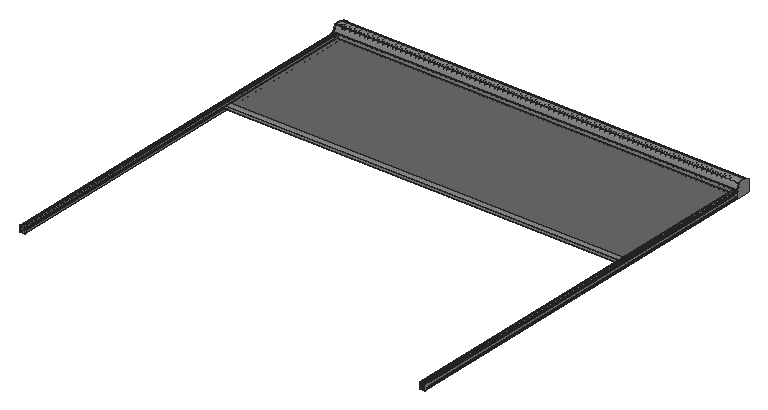
Revit family "Windows_Blinds_Nimex_Zip_105", category Specialty Equipment, host Face, Revit 2018 (continued)
Definition of nested family "Zip_105"
  Lines and regions (mm)
    symbolic lines, detail levels fine
      curve 568: arc (0, -52.355, 2437.64) -> (0, -48.647, 2433.913) -> (0, -47.29, 2428.835) r 10.19
      curve 569: arc (0, -47.29, 2428.835) -> (0, -20.681, 2416) -> (0, 5.928, 2428.835) r 34
      curve 570: arc (0, -17.043, 2484.81) -> (0, -18.011, 2484.414) -> (0, -18.023, 2483.368) r 0.947
      curve 571: arc (0, -18.023, 2483.368) -> (0, -20.762, 2474.017) -> (0, -23.306, 2483.423) r 5.062
      curve 572: arc (0, -23.306, 2483.423) -> (0, -23.37, 2484.44) -> (0, -24.319, 2484.81) r 0.947
      curve 573: circle (0, -20.681, 2450) r 20 normal (1, 0, 0)
      curve 574: line (0, 22.51, 3798) -> (0, -53.333, 3798)
      curve 575: arc (0, 21.023, 3794.068) -> (0, 21.133, 3796.274) -> (0, 22.51, 3798) r 3.6
      curve 576: arc (0, 27.5, 3793.01) -> (0, 25.774, 3791.633) -> (0, 23.568, 3791.523) r 3.6
      curve 577: line (0, 27.5, 3793.01) -> (0, 27.5, 3706.99)
      curve 578: line (0, 24.086, 3793.455) -> (0, 23.568, 3791.523)
      curve 579: line (0, 22.955, 3794.586) -> (0, 21.023, 3794.068)
      curve 580: arc (0, 22.955, 3794.586) -> (0, 25.631, 3796.131) -> (0, 24.086, 3793.455) r 1.6
      curve 581: arc (0, -51.846, 3794.068) -> (0, -51.956, 3796.274) -> (0, -53.333, 3798) r 3.6
      curve 582: line (0, -54.909, 3793.455) -> (0, -54.171, 3790.7)
      curve 583: line (0, -53.777, 3794.586) -> (0, -51.846, 3794.068)
      curve 584: arc (0, -53.777, 3794.586) -> (0, -56.454, 3796.131) -> (0, -54.909, 3793.455) r 1.6
      curve 585: line (0, -54.171, 3790.7) -> (0, -57.977, 3790.7)
      curve 586: arc (0, -60.07, 3795.541) -> (0, -58.523, 3793.337) -> (0, -57.977, 3790.7) r 6.646
      curve 587: arc (0, -61.283, 3795.402) -> (0, -60.709, 3795.753) -> (0, -60.07, 3795.541) r 0.8
      curve 588: arc (0, -61.193, 3794.338) -> (0, -61.442, 3794.853) -> (0, -61.283, 3795.402) r 0.8
      curve 589: arc (0, -61.193, 3794.338) -> (0, -60.702, 3793.802) -> (0, -60.293, 3793.2) r 5
      curve 590: arc (0, -60.293, 3793.2) -> (0, -60.293, 3792.2) -> (0, -61.159, 3791.7) r 1
      curve 591: line (0, 27.5, 3800) -> (0, -57.274, 3800)
      curve 592: arc (0, 27.5, 3800) -> (0, 28.914, 3799.414) -> (0, 29.5, 3798) r 2
      curve 593: line (0, 29.5, 3798) -> (0, 29.5, 3702)
      curve 594: arc (0, 29.5, 3702) -> (0, 28.914, 3700.586) -> (0, 27.5, 3700) r 2
      curve 595: line (0, 27.5, 3700) -> (0, 9.7, 3700)
      curve 596: arc (0, 9.7, 3700) -> (0, 7.943, 3701.045) -> (0, 8.021, 3703.087) r 2
      curve 597: arc (0, 8.021, 3703.087) -> (0, 8.324, 3703.359) -> (0, 8.728, 3703.316) r 0.5
      curve 598: line (0, 9.007, 3702) -> (0, 10.22, 3701.3)
      curve 599: line (0, 12.97, 3706.063) -> (0, 10.22, 3701.3)
      curve 600: arc (0, 9.074, 3703.116) -> (0, 9.307, 3702.812) -> (0, 9.257, 3702.433) r 0.5
      curve 601: line (0, 9.257, 3702.433) -> (0, 9.007, 3702)
      curve 602: line (0, 9.074, 3703.116) -> (0, 8.728, 3703.316)
      curve 603: arc (0, 23.568, 3708.477) -> (0, 25.774, 3708.367) -> (0, 27.5, 3706.99) r 3.6
      curve 604: line (0, 24.086, 3706.545) -> (0, 23.568, 3708.477)
      curve 605: line (0, 22.955, 3705.414) -> (0, 21.023, 3705.932)
      curve 606: arc (0, 22.51, 3702) -> (0, 21.133, 3703.726) -> (0, 21.023, 3705.932) r 3.6
      curve 607: arc (0, 24.086, 3706.545) -> (0, 25.631, 3703.869) -> (0, 22.955, 3705.414) r 1.6
      curve 608: line (0, 22.51, 3702) -> (0, 13.103, 3702)
      curve 609: line (0, 14.382, 3705.71) -> (0, 12.672, 3702.748)
      curve 610: line (0, 12.111, 3708.176) -> (0, 14.016, 3707.076)
      curve 611: arc (0, 14.016, 3707.076) -> (0, 14.482, 3706.468) -> (0, 14.382, 3705.71) r 1
      curve 612: arc (0, 10.745, 3707.81) -> (0, 11.352, 3708.275) -> (0, 12.111, 3708.176) r 1
      curve 613: line (0, 10.745, 3707.81) -> (0, 10.295, 3707.03)
      curve 614: arc (0, 10.478, 3706.347) -> (0, 10.245, 3706.651) -> (0, 10.295, 3707.03) r 0.5
      curve 615: arc (0, 11.507, 3706.33) -> (0, 11.204, 3706.097) -> (0, 10.824, 3706.147) r 0.5
      curve 616: line (0, 11.795, 3706.741) -> (0, 12.97, 3706.063)
      curve 617: line (0, 11.507, 3706.33) -> (0, 11.795, 3706.741)
      curve 618: line (0, 10.824, 3706.147) -> (0, 10.478, 3706.347)
      curve 619: arc (0, 12.672, 3702.748) -> (0, 12.672, 3702.249) -> (0, 13.103, 3702) r 0.498
      curve 620: arc (0, 4.1, 3703.5) -> (0, 4.544, 3701.265) -> (0, 2.65, 3700) r 2.05
      curve 621: arc (0, 2.314, 3702.739) -> (0, 2.314, 3704.012) -> (0, 3.587, 3704.012) r 0.9
      curve 622: line (0, 2.59, 3701.8) -> (0, -22.792, 3701.8)
      curve 623: line (0, 2.314, 3702.739) -> (0, 2.784, 3702.269)
      curve 624: line (0, 4.1, 3703.5) -> (0, 3.587, 3704.012)
      curve 625: arc (0, 2.784, 3702.269) -> (0, 2.844, 3701.97) -> (0, 2.59, 3701.8) r 0.275
      curve 626: arc (0, -27.654, 3702.461) -> (0, -48.133, 3709.717) -> (0, -67.398, 3719.763) r 155.14
      curve 627: arc (0, -68.714, 3721.353) -> (0, -73.678, 3746.666) -> (0, -69.932, 3772.189) r 76.379
      curve 628: arc (0, -67.398, 3719.763) -> (0, -68.188, 3720.449) -> (0, -68.714, 3721.353) r 3.2
      curve 629: arc (0, -69.932, 3772.189) -> (0, -67.16, 3780.795) -> (0, -63.658, 3789.13) r 104.96
      curve 630: line (0, -64.431, 3790.915) -> (0, -60.94, 3791.622)
      curve 631: arc (0, -61.202, 3795.345) -> (0, -60.699, 3795.654) -> (0, -60.138, 3795.468) r 0.7
      curve 632: arc (0, -61.125, 3794.411) -> (0, -61.342, 3794.863) -> (0, -61.202, 3795.345) r 0.7
      curve 633: arc (0, -61.125, 3794.411) -> (0, -60.623, 3793.864) -> (0, -60.206, 3793.25) r 5.1
      curve 634: arc (0, -58.647, 3793.372) -> (0, -58.949, 3791.331) -> (0, -60.642, 3790.152) r 2.6
      curve 635: line (0, -62.952, 3789.684) -> (0, -60.642, 3790.152)
      curve 636: arc (0, -63.658, 3789.13) -> (0, -63.371, 3789.491) -> (0, -62.952, 3789.684) r 1
      curve 637: arc (0, -22.792, 3701.8) -> (0, -25.245, 3701.966) -> (0, -27.654, 3702.461) r 18.2
      curve 638: arc (0, -60.206, 3793.25) -> (0, -60.156, 3792.248) -> (0, -60.94, 3791.622) r 1.1
      curve 639: arc (0, -60.138, 3795.468) -> (0, -59.289, 3794.494) -> (0, -58.647, 3793.372) r 6.546
      curve 640: line (0, 2.65, 3700) -> (0, -19.969, 3700)
      curve 641: line (0, 7.55, 3692.561) -> (0, 7.55, 3696.5)
      curve 642: arc (0, 7.55, 3696.5) -> (0, 7.843, 3697.207) -> (0, 8.55, 3697.5) r 1
      curve 643: line (0, 8.55, 3697.5) -> (0, 14.838, 3697.5)
      curve 644: arc (0, 14.838, 3697.5) -> (0, 15.446, 3697.294) -> (0, 15.803, 3696.762) r 1
      curve 645: arc (0, 15.803, 3696.762) -> (0, 18.7, 3675) -> (0, 15.803, 3653.238) r 83.203
      curve 646: arc (0, 15.803, 3653.238) -> (0, 15.446, 3652.706) -> (0, 14.838, 3652.5) r 1
      curve 647: line (0, 14.838, 3652.5) -> (0, 7.4, 3652.5)
      curve 648: arc (0, 7.4, 3652.5) -> (0, 6.9, 3653) -> (0, 7.4, 3653.5) r 0.5
      curve 649: arc (0, 8.941, 3693.266) -> (0, 5.2, 3683.15) -> (0, 1.458, 3693.266) r 5.75
      curve 650: line (0, 2.85, 3696.5) -> (0, 2.85, 3692.561)
      curve 651: arc (0, 1.85, 3697.5) -> (0, 2.557, 3697.207) -> (0, 2.85, 3696.5) r 1
      curve 652: line (0, 1.85, 3697.5) -> (0, -4.439, 3697.5)
      curve 653: arc (0, -5.404, 3653.238) -> (0, -8.3, 3675) -> (0, -5.404, 3696.762) r 83.203
      curve 654: arc (0, -5.404, 3696.762) -> (0, -5.047, 3697.294) -> (0, -4.439, 3697.5) r 1
      curve 655: arc (0, -4.439, 3652.5) -> (0, -5.047, 3652.706) -> (0, -5.404, 3653.238) r 1
      curve 656: line (0, 3, 3652.5) -> (0, -4.439, 3652.5)
      curve 657: line (0, 14.532, 3696.1) -> (0, 9.05, 3696.1)
      curve 658: line (0, 9.05, 3696.1) -> (0, 8.941, 3693.266)
      curve 659: arc (0, 14.532, 3696.1) -> (0, 17.3, 3675) -> (0, 14.532, 3653.9) r 81.803
      curve 660: line (0, 14.532, 3653.9) -> (0, 9.375, 3653.9)
      curve 661: arc (0, 1.125, 3655.1) -> (0, 1.418, 3655.807) -> (0, 2.125, 3656.1) r 1
      curve 662: line (0, 1.125, 3655.1) -> (0, 1.025, 3653.9)
      curve 663: line (0, 1.025, 3653.9) -> (0, -4.132, 3653.9)
      curve 664: line (0, 9.375, 3653.9) -> (0, 9.275, 3655.1)
      curve 665: arc (0, 8.275, 3656.1) -> (0, 8.982, 3655.807) -> (0, 9.275, 3655.1) r 1
      curve 666: line (0, 8.275, 3656.1) -> (0, 2.125, 3656.1)
      curve 667: line (0, 7.4, 3653.5) -> (0, 8.191, 3653.5)
      curve 668: line (0, 8.191, 3653.5) -> (0, 8.191, 3654.5)
      curve 669: arc (0, 3, 3652.5) -> (0, 3.5, 3653) -> (0, 3, 3653.5) r 0.5
      curve 670: line (0, 3, 3653.5) -> (0, 2.208, 3653.5)
      curve 671: line (0, 2.208, 3653.5) -> (0, 2.208, 3654.5)
      curve 672: line (0, 8.191, 3654.5) -> (0, 2.208, 3654.5)
      curve 673: line (0, -4.132, 3696.1) -> (0, 1.35, 3696.1)
      curve 674: line (0, 1.35, 3696.1) -> (0, 1.458, 3693.266)
      curve 675: arc (0, -4.132, 3696.1) -> (0, -6.9, 3675) -> (0, -4.132, 3653.9) r 81.803
      curve 676: arc (0, 7.55, 3692.561) -> (0, 5.2, 3684.55) -> (0, 2.85, 3692.561) r 4.35
      curve 677: circle (0, 5.2, 3688.9) r 3 normal (-1, 0, 0)
      curve 678: line (0, 2.449, 3690.097) -> (0, 17.901, 3728.848)
      curve 679: circle (0, -20.681, 3750) r 44 normal (-1, 0, 0)
      curve 680: circle (0, -20.681, 3750) r 43 normal (-1, 0, 0)
      curve 681: circle (0, -20.681, 3750) r 42 normal (-1, 0, 0)
      curve 682: circle (0, -20.681, 3750) r 41 normal (-1, 0, 0)
      curve 683: circle (0, -20.681, 3750) r 40 normal (-1, 0, 0)
      curve 684: circle (0, -20.681, 3750) r 39 normal (-1, 0, 0)
      curve 685: circle (0, -20.681, 3750) r 38 normal (-1, 0, 0)
      curve 686: circle (0, -20.681, 3750) r 37 normal (-1, 0, 0)
      curve 687: circle (0, -20.681, 3750) r 36 normal (-1, 0, 0)
      curve 688: arc (0, -24.141, 3784.829) -> (0, -37.587, 3780.646) -> (0, -48.296, 3771.503) r 35
      curve 689: arc (0, -48.296, 3771.503) -> (0, -49.514, 3766.585) -> (0, -53.153, 3763.06) r 9.19
      curve 690: arc (0, -53.153, 3763.06) -> (0, -55.681, 3750) -> (0, -53.153, 3736.94) r 35
      curve 691: arc (0, -53.153, 3736.94) -> (0, -49.514, 3733.415) -> (0, -48.296, 3728.497) r 9.19
      curve 692: arc (0, -48.296, 3728.497) -> (0, -20.681, 3715) -> (0, 6.934, 3728.497) r 35
      curve 693: arc (0, 6.934, 3728.497) -> (0, 8.152, 3733.415) -> (0, 11.791, 3736.94) r 9.19
      curve 694: arc (0, 11.791, 3736.94) -> (0, 14.319, 3750) -> (0, 11.791, 3763.06) r 35
      curve 695: arc (0, 11.791, 3763.06) -> (0, 8.152, 3766.585) -> (0, 6.934, 3771.503) r 9.19
      curve 696: arc (0, 6.934, 3771.503) -> (0, -3.775, 3780.646) -> (0, -17.221, 3784.829) r 35
      curve 697: arc (0, 5.928, 3728.835) -> (0, 7.285, 3733.913) -> (0, 10.993, 3737.64) r 10.19
      curve 698: arc (0, 10.993, 3737.64) -> (0, 13.319, 3750) -> (0, 10.993, 3762.36) r 34
      curve 699: arc (0, 10.993, 3762.36) -> (0, 7.285, 3766.087) -> (0, 5.928, 3771.165) r 10.19
      curve 700: arc (0, 5.928, 3771.165) -> (0, -4.224, 3779.752) -> (0, -16.894, 3783.788) r 34
      curve 701: arc (0, -16.894, 3783.788) -> (0, -20.704, 3773.017) -> (0, -24.535, 3783.781) r 6.062
      curve 702: arc (0, -24.535, 3783.781) -> (0, -37.167, 3779.736) -> (0, -47.29, 3771.165) r 34
      curve 703: arc (0, -47.29, 3771.165) -> (0, -48.647, 3766.087) -> (0, -52.355, 3762.36) r 10.19
      curve 704: arc (0, -52.355, 3762.36) -> (0, -54.681, 3750) -> (0, -52.355, 3737.64) r 34
      curve 705: arc (0, -52.355, 3737.64) -> (0, -48.647, 3733.913) -> (0, -47.29, 3728.835) r 10.19
      curve 706: arc (0, -47.29, 3728.835) -> (0, -20.681, 3716) -> (0, 5.928, 3728.835) r 34
      curve 707: arc (0, -17.043, 3784.81) -> (0, -18.011, 3784.414) -> (0, -18.023, 3783.368) r 0.947
      curve 708: arc (0, -18.023, 3783.368) -> (0, -20.762, 3774.017) -> (0, -23.306, 3783.423) r 5.062
      curve 709: arc (0, -23.306, 3783.423) -> (0, -23.37, 3784.44) -> (0, -24.319, 3784.81) r 0.947
      curve 710: circle (0, -20.681, 3750) r 20 normal (1, 0, 0)
      curve 711: line (0, 11.2, 2352.5) -> (0, 11.2, 0)
      curve 712: line (0, -0.8, 2352.5) -> (0, -0.8, 0)
      curve 721: line (0, -19.969, 2400) -> (0, -29.5, 2400)
      curve 722: line (0, -19.969, 3700) -> (0, -29.5, 3700)
      curve 725: arc (0, -64.431, 2490.915) -> (0, -65.347, 2490.463) -> (0, -65.92, 2489.619) r 2
      curve 726: arc (0, -64.431, 3790.915) -> (0, -65.347, 3790.463) -> (0, -65.92, 3789.619) r 2
      curve 727: arc (0, -64.707, 2493.037) -> (0, -64.583, 2492.124) -> (0, -63.766, 2491.7) r 1
      curve 728: line (0, -63.766, 2491.7) -> (0, -61.159, 2491.7)
      curve 729: arc (0, -64.707, 3793.037) -> (0, -64.583, 3792.124) -> (0, -63.766, 3791.7) r 1
      curve 730: line (0, -63.766, 3791.7) -> (0, -61.159, 3791.7)
    symbolic lines, detail levels medium
      curve 22: line (-1716, 5.2, 0) -> (1716, 5.2, 0)
    symbolic lines, not visible, detail levels fine
      curve 718: line (-1742.658, 5.2, 0) -> (-1753.651, 5.2, 0)
      curve 719: line (-1742.658, -4.601, 0) -> (-1753.651, -4.601, 0)
      curve 720: line (1742.658, 5.2, 0) -> (1753.651, 5.2, 0)
  Dimensions and locks
    "TotalWidthControl": plane 4 to plane 5
    equal spacing: plane 4, plane 3 "Center (Left/Right)", plane 5
    "TotalHeightControl": plane 6 to plane 2
    locked: plane 6 to plane 10 at 100
    aligned and locked: level to plane 2
    aligned and locked: plane 4 to nested 1
    aligned and locked: plane 5 to nested 2
    aligned and locked: plane 3 "Center (Left/Right)" to nested 3
    aligned and locked: plane 4 to curve 7
    aligned and locked: plane 5 to curve 7
    aligned and locked: plane 5 to curve 8
    aligned and locked: plane 4 to curve 8
    aligned and locked: curve 8 to curve 13
    aligned and locked: plane 10 to curve 12
    aligned and locked: plane 4 to curve 15
    aligned and locked: plane 5 to curve 17
    aligned and locked: curve 16 to plane 9
    aligned and locked: curve 14 to plane 8
    aligned and locked: plane 2 to curve 13
    aligned and locked: nested 5 to curve 21
    aligned and locked: curve 11 to nested 5
    aligned and locked: plane 4 to curve 42
    aligned and locked: curve 316 to plane 5
    aligned and locked: curve 454 to plane 6
    aligned and locked: plane 6 to nested 3
    aligned and locked: plane 8 to nested 3
    aligned and locked: curve 718 to plane 1 "Center (Front/Back)"
    aligned and locked: plane 1 "Center (Front/Back)" to curve 720
    aligned and locked: nested 2 to plane 8
    aligned and locked: plane 1 "Center (Front/Back)" to nested 5
    aligned and locked: nested 5 to nested 4
  Automatic sketch dimensions
    Extrusion 1 sketch curve to plane 4 = 0 mm
    Extrusion 1 sketch curve to plane 5 = 0 mm
    plane 9 to Extrusion 1 sketch curve = 0 mm
    Extrusion 1 sketch curve to plane 8 = 0 mm
    curve 30 to curve 44 = 0 mm  (x2)
    curve 30 to curve 63 = 0 mm  (x2)
    curve 44 to curve 63 = 0 mm  (x2)
    curve 82 to curve 91 = 0.1 mm
    curve 82 to curve 91 = 0 mm
    curve 82 to curve 92 = 0.1 mm
    curve 82 to curve 92 = 0 mm
    curve 91 to curve 92 = 0 mm  (x2)
    curve 93 to curve 109 = 0 mm  (x2)
    curve 58 to curve 58 = 1 mm
    curve 43 to curve 43 = 1 mm
    curve 43 to curve 131 = 0.2 mm
    curve 58 to curve 27 = 0.2 mm
    curve 61 to curve 131 = 0 mm
    curve 131 to curve 133 = 0.4 mm
    curve 61 to curve 125 = 0.4 mm
    curve 131 to curve 130 = 0.4 mm
    curve 27 to curve 26 = 0.5 mm
    curve 61 to curve 68 = 0.5 mm
    curve 27 to curve 51 = 0.5 mm
    curve 61 to curve 62 = 0.5 mm
    curve 133 to curve 107 = 0.3 mm
    curve 107 to curve 118 = 2.2 mm
    curve 117 to curve 118 = 0 mm
    curve 118 to curve 116 = 0.4 mm
    curve 75 to curve 74 = 2.8 mm
    curve 117 to curve 83 = 0 mm
    curve 69 to curve 70 = 3.3 mm
    curve 83 to curve 119 = 0.4 mm
    curve 83 to curve 106 = 0.613 mm
    curve 70 to curve 67 = 0.5 mm
    curve 62 to curve 26 = 1.202 mm
    curve 67 to curve 66 = 0.5 mm
    curve 26 to curve 47 = 0.388 mm
    curve 47 to curve 45 = 0.044 mm
    curve 47 to curve 28 = 0.346 mm
    curve 44 to curve 45 = 0.831 mm
    curve 70 to curve 123 = 1.8 mm
    curve 28 to curve 44 = 0.534 mm
    curve 123 to curve 81 = 0.484 mm
    curve 30 to curve 46 = 0.534 mm
    curve 65 to curve 73 = 0.95 mm
    curve 81 to curve 72 = 0.666 mm
    curve 29 to curve 29 = 0.555 mm
    curve 48 to curve 48 = 0.26 mm
    curve 48 to curve 46 = 0.016 mm
    curve 72 to curve 64 = 0.5 mm
    curve 81 to curve 109 = 1.201 mm
    curve 78 to curve 78 = 1.366 mm
    curve 73 to curve 76 = 1.2 mm
    curve 76 to curve 25 = 0.29 mm
    curve 76 to curve 31 = 0.5 mm
    curve 77 to curve 147 = 0.864 mm
    curve 119 to curve 105 = 6.814 mm
    curve 105 to curve 110 = 1.144 mm
    curve 110 to curve 130 = 0.041 mm
    curve 147 to curve 79 = 1.386 mm
    curve 79 to curve 114 = 0.2 mm
    curve 109 to curve 110 = 0.341 mm
    curve 115 to curve 111 = 0.4 mm
    curve 110 to curve 94 = 0.4 mm
    curve 112 to curve 156 = 0.814 mm
    curve 147 to curve 149 = 2.4 mm
    curve 159 to curve 154 = 0 mm
    curve 94 to curve 94 = 0.7 mm
    curve 120 to curve 95 = 0.5 mm
    curve 95 to curve 122 = 0.5 mm
    curve 48 to curve 92 = 10.302 mm
    curve 157 to curve 160 = 5.72 mm
    curve 157 to curve 151 = 1.13 mm
    curve 159 to curve 154 = 1.13 mm
    curve 151 to curve 152 = 1 mm
    curve 152 to curve 136 = 0.5 mm
    curve 145 to curve 145 = 1 mm
    curve 146 to curve 146 = 1 mm
    curve 146 to curve 38 = 1.336 mm
    curve 140 to curve 86 = 1.436 mm
    curve 37 to curve 31 = 3.6 mm
    curve 37 to curve 37 = 3.6 mm
    curve 120 to curve 104 = 13.4 mm
    curve 86 to curve 96 = 3.6 mm
    curve 113 to curve 96 = 0 mm
    curve 86 to curve 86 = 3.6 mm
    curve 57 to curve 36 = 0.5 mm
    curve 99 to curve 87 = 0.5 mm
    curve 121 to curve 97 = 0.5 mm
    curve 52 to curve 53 = 0.7 mm
    curve 53 to curve 32 = 0.5 mm
    curve 99 to curve 88 = 1.2 mm
    curve 32 to curve 55 = 0.5 mm
    curve 88 to curve 103 = 0.4 mm
    curve 88 to curve 89 = 0.5 mm
    curve 103 to curve 102 = 1.863 mm
    curve 55 to curve 56 = 1.9 mm
    curve 25 to curve 54 = 2.9 mm
    curve 89 to curve 89 = 1.9 mm
    curve 54 to curve 33 = 0.5 mm
    curve 102 to curve 90 = 0.637 mm
    curve 35 to curve 39 = 0.7 mm
    curve 24 to curve 34 = 0.7 mm
    curve 102 to curve 134 = 0.1 mm
    curve 89 to curve 135 = 0.6 mm
    curve 59 to curve 41 = 1 mm
    curve 134 to curve 84 = 1 mm
    curve 84 to curve 140 = 2.764 mm
    curve 41 to curve 137 = 2.764 mm
    curve 143 to curve 138 = 1 mm
    curve 144 to curve 141 = 1 mm
    curve 105 to curve 117 = 0.096 mm
    curve 119 to curve 117 = 0.08 mm
    curve 117 to curve 118 = 0.4 mm
    curve 105 to curve 97 = 0.588 mm
    curve 97 to curve 134 = 0.114 mm
    curve 97 to curve 103 = 0.167 mm
    curve 105 to curve 94 = 1.137 mm
    curve 134 to curve 90 = 0.671 mm
    curve 133 to curve 107 = 0.2 mm
    curve 131 to curve 107 = 0.05 mm
    curve 129 to curve 129 = 0.6 mm
    curve 126 to curve 127 = 3.35 mm
    curve 125 to curve 128 = 0.6 mm
    curve 125 to curve 68 = 1.2 mm
    curve 79 to curve 114 = 0.075 mm
    curve 103 to curve 97 = 7.516 mm
    curve 102 to curve 141 = 7.423 mm
    curve 79 to curve 109 = 0.9 mm
    curve 123 to curve 81 = 0.6 mm
    curve 81 to curve 123 = 0 mm
    curve 156 to curve 76 = 1.25 mm
    curve 123 to curve 67 = 1.275 mm
    curve 87 to curve 87 = 4.525 mm
    curve 99 to curve 88 = 0 mm
    curve 101 to curve 84 = 0.7 mm
    curve 84 to curve 140 = 2 mm
    curve 154 to curve 136 = 0.9 mm
    curve 154 to curve 159 = 2.9 mm
    curve 158 to curve 158 = 7 mm
    curve 157 to curve 152 = 1.9 mm
    curve 152 to curve 146 = 0.1 mm
    curve 146 to curve 39 = 1 mm
    curve 38 to curve 38 = 0.6 mm
    curve 40 to curve 35 = 0.2 mm
    curve 149 to curve 73 = 7.601 mm
    curve 41 to curve 137 = 5.9 mm
    curve 73 to curve 147 = 0.499 mm
    curve 36 to curve 36 = 6.2 mm
    curve 52 to curve 32 = 1.2 mm
    curve 63 to curve 30 = 2.5 mm
    curve 30 to curve 75 = 0.037 mm
    curve 74 to curve 62 = 0.5 mm
    curve 25 to curve 49 = 0.5 mm
    curve 30 to curve 45 = 0.926 mm
    curve 45 to curve 47 = 0.715 mm
    curve 44 to curve 48 = 0.812 mm
    curve 47 to curve 26 = 0.096 mm
    curve 48 to curve 29 = 0.15 mm
    curve 25 to curve 54 = 5.7 mm
    curve 24 to curve 59 = 0.2 mm
    curve 34 to curve 91 = 13.952 mm
    curve 718 to curve 66 = 9.651 mm
    curve 82 to curve 119 = 0 mm
    curve 718 to curve 158 = 6.572 mm
    curve 30 to curve 48 = 0 mm
    curve 105 to curve 93 = 0 mm
    curve 92 to curve 105 = 0 mm
    curve 91 to curve 103 = 0 mm
    curve 138 to curve 138 = 18.5 mm
    curve 141 to curve 141 = 18.5 mm
    curve 158 to curve 718 = 3.7 mm
    curve 167 to curve 181 = 0 mm  (x2)
    curve 167 to curve 200 = 0 mm  (x2)
    curve 181 to curve 200 = 0 mm  (x2)
    curve 219 to curve 228 = 0.1 mm
    curve 219 to curve 228 = 0 mm
    curve 219 to curve 229 = 0.1 mm
    curve 219 to curve 229 = 0 mm
    curve 228 to curve 229 = 0 mm  (x2)
    curve 230 to curve 246 = 0 mm  (x2)
    curve 195 to curve 195 = 1 mm
    curve 180 to curve 180 = 1 mm
    curve 180 to curve 268 = 0.2 mm
    curve 195 to curve 164 = 0.2 mm
    curve 198 to curve 268 = 0 mm
    curve 268 to curve 270 = 0.4 mm
    curve 198 to curve 262 = 0.4 mm
    curve 268 to curve 267 = 0.4 mm
    curve 164 to curve 163 = 0.5 mm
    curve 198 to curve 205 = 0.5 mm
    curve 164 to curve 188 = 0.5 mm
    curve 198 to curve 199 = 0.5 mm
    curve 270 to curve 244 = 0.3 mm
    curve 244 to curve 255 = 2.2 mm
    curve 254 to curve 255 = 0 mm
    curve 255 to curve 253 = 0.4 mm
    curve 212 to curve 211 = 2.8 mm
    curve 254 to curve 220 = 0 mm
    curve 206 to curve 207 = 3.3 mm
    curve 220 to curve 256 = 0.4 mm
    curve 220 to curve 243 = 0.613 mm
    curve 207 to curve 204 = 0.5 mm
    curve 199 to curve 163 = 1.202 mm
    curve 204 to curve 203 = 0.5 mm
    curve 163 to curve 184 = 0.388 mm
    curve 184 to curve 182 = 0.044 mm
    curve 184 to curve 165 = 0.346 mm
    curve 181 to curve 182 = 0.831 mm
    curve 207 to curve 260 = 1.8 mm
    curve 165 to curve 181 = 0.534 mm
    curve 260 to curve 218 = 0.484 mm
    curve 167 to curve 183 = 0.534 mm
    curve 202 to curve 210 = 0.95 mm
    curve 218 to curve 209 = 0.666 mm
    curve 166 to curve 166 = 0.555 mm
    curve 185 to curve 185 = 0.26 mm
    curve 185 to curve 183 = 0.016 mm
    curve 209 to curve 201 = 0.5 mm
    curve 218 to curve 246 = 1.201 mm
    curve 215 to curve 215 = 1.366 mm
    curve 210 to curve 213 = 1.2 mm
    curve 213 to curve 162 = 0.29 mm
    curve 213 to curve 168 = 0.5 mm
    curve 214 to curve 284 = 0.864 mm
    curve 256 to curve 242 = 6.814 mm
    curve 242 to curve 247 = 1.144 mm
    curve 247 to curve 267 = 0.041 mm
    curve 284 to curve 216 = 1.386 mm
    curve 216 to curve 251 = 0.2 mm
    curve 246 to curve 247 = 0.341 mm
    curve 252 to curve 248 = 0.4 mm
    curve 247 to curve 231 = 0.4 mm
    curve 249 to curve 293 = 0.814 mm
    curve 284 to curve 286 = 2.4 mm
    curve 296 to curve 291 = 0 mm
    curve 231 to curve 231 = 0.7 mm
    curve 257 to curve 232 = 0.5 mm
    curve 232 to curve 259 = 0.5 mm
    curve 185 to curve 229 = 10.302 mm
    curve 294 to curve 297 = 5.72 mm
    curve 294 to curve 288 = 1.13 mm
    curve 296 to curve 291 = 1.13 mm
    curve 288 to curve 289 = 1 mm
    curve 289 to curve 273 = 0.5 mm
    curve 282 to curve 282 = 1 mm
    curve 283 to curve 283 = 1 mm
    curve 283 to curve 175 = 1.336 mm
    curve 277 to curve 223 = 1.436 mm
    curve 174 to curve 168 = 3.6 mm
    curve 174 to curve 174 = 3.6 mm
    curve 257 to curve 241 = 13.4 mm
    curve 223 to curve 233 = 3.6 mm
    curve 250 to curve 233 = 0 mm
    curve 223 to curve 223 = 3.6 mm
    curve 194 to curve 173 = 0.5 mm
    curve 236 to curve 224 = 0.5 mm
    curve 258 to curve 234 = 0.5 mm
    curve 189 to curve 190 = 0.7 mm
    curve 190 to curve 169 = 0.5 mm
    curve 236 to curve 225 = 1.2 mm
    curve 169 to curve 192 = 0.5 mm
    curve 225 to curve 240 = 0.4 mm
    curve 225 to curve 226 = 0.5 mm
    curve 240 to curve 239 = 1.863 mm
    curve 192 to curve 193 = 1.9 mm
    curve 162 to curve 191 = 2.9 mm
    curve 226 to curve 226 = 1.9 mm
    curve 191 to curve 170 = 0.5 mm
    curve 239 to curve 227 = 0.637 mm
    curve 172 to curve 176 = 0.7 mm
    curve 161 to curve 171 = 0.7 mm
    curve 239 to curve 271 = 0.1 mm
    curve 226 to curve 272 = 0.6 mm
    curve 196 to curve 178 = 1 mm
    curve 271 to curve 221 = 1 mm
    curve 221 to curve 277 = 2.764 mm
    curve 178 to curve 274 = 2.764 mm
    curve 280 to curve 275 = 1 mm
    curve 281 to curve 278 = 1 mm
    curve 242 to curve 254 = 0.096 mm
    curve 256 to curve 254 = 0.08 mm
    curve 254 to curve 255 = 0.4 mm
    curve 242 to curve 234 = 0.588 mm
    curve 234 to curve 271 = 0.114 mm
    curve 234 to curve 240 = 0.167 mm
    curve 242 to curve 231 = 1.137 mm
    curve 271 to curve 227 = 0.671 mm
    curve 270 to curve 244 = 0.2 mm
    curve 268 to curve 244 = 0.05 mm
    curve 266 to curve 266 = 0.6 mm
    curve 263 to curve 264 = 3.35 mm
    curve 262 to curve 265 = 0.6 mm
    curve 262 to curve 205 = 1.2 mm
    curve 216 to curve 251 = 0.075 mm
    curve 240 to curve 234 = 7.516 mm
    curve 239 to curve 278 = 7.423 mm
    curve 216 to curve 246 = 0.9 mm
    curve 260 to curve 218 = 0.6 mm
    curve 218 to curve 260 = 0 mm
    curve 293 to curve 213 = 1.25 mm
    curve 260 to curve 204 = 1.275 mm
    curve 224 to curve 224 = 4.525 mm
    curve 236 to curve 225 = 0 mm
    curve 238 to curve 221 = 0.7 mm
    curve 221 to curve 277 = 2 mm
    curve 291 to curve 273 = 0.9 mm
    curve 291 to curve 296 = 2.9 mm
    curve 295 to curve 295 = 7 mm
    curve 294 to curve 289 = 1.9 mm
    curve 289 to curve 283 = 0.1 mm
    curve 283 to curve 176 = 1 mm
    curve 175 to curve 175 = 0.6 mm
    curve 177 to curve 172 = 0.2 mm
    curve 286 to curve 210 = 7.601 mm
    curve 178 to curve 274 = 5.9 mm
    curve 210 to curve 284 = 0.499 mm
    curve 173 to curve 173 = 6.2 mm
    curve 189 to curve 169 = 1.2 mm
    curve 200 to curve 167 = 2.5 mm
    curve 167 to curve 212 = 0.037 mm
    curve 211 to curve 199 = 0.5 mm
    curve 162 to curve 186 = 0.5 mm
    curve 167 to curve 182 = 0.926 mm
    curve 182 to curve 184 = 0.715 mm
    curve 181 to curve 185 = 0.812 mm
    curve 184 to curve 163 = 0.096 mm
    curve 185 to curve 166 = 0.15 mm
    curve 162 to curve 191 = 5.7 mm
    curve 161 to curve 196 = 0.2 mm
    curve 171 to curve 228 = 13.952 mm
    curve 719 to curve 203 = 9.651 mm
    curve 219 to curve 256 = 0 mm
    curve 719 to curve 295 = 6.572 mm
    curve 167 to curve 185 = 0 mm
    curve 242 to curve 230 = 0 mm
    curve 229 to curve 242 = 0 mm
    curve 228 to curve 240 = 0 mm
    curve 275 to curve 275 = 18.5 mm
    curve 278 to curve 278 = 18.5 mm
    curve 295 to curve 719 = 3.7 mm
    curve 304 to curve 318 = 0 mm  (x2)
    curve 304 to curve 337 = 0 mm  (x2)
    curve 318 to curve 337 = 0 mm  (x2)
    curve 356 to curve 365 = 0.1 mm
    curve 356 to curve 365 = 0 mm
    curve 356 to curve 366 = 0.1 mm
    curve 356 to curve 366 = 0 mm
    curve 365 to curve 366 = 0 mm  (x2)
    curve 367 to curve 383 = 0 mm  (x2)
    curve 332 to curve 332 = 1 mm
    curve 317 to curve 317 = 1 mm
    curve 317 to curve 405 = 0.2 mm
    curve 332 to curve 301 = 0.2 mm
    curve 335 to curve 405 = 0 mm
    curve 405 to curve 407 = 0.4 mm
    curve 335 to curve 399 = 0.4 mm
    curve 405 to curve 404 = 0.4 mm
    curve 301 to curve 300 = 0.5 mm
    curve 335 to curve 342 = 0.5 mm
    curve 301 to curve 325 = 0.5 mm
    curve 335 to curve 336 = 0.5 mm
    curve 407 to curve 381 = 0.3 mm
    curve 381 to curve 392 = 2.2 mm
    curve 391 to curve 392 = 0 mm
    curve 392 to curve 390 = 0.4 mm
    curve 349 to curve 348 = 2.8 mm
    curve 391 to curve 357 = 0 mm
    curve 343 to curve 344 = 3.3 mm
    curve 357 to curve 393 = 0.4 mm
    curve 357 to curve 380 = 0.613 mm
    curve 344 to curve 341 = 0.5 mm
    curve 336 to curve 300 = 1.202 mm
    curve 341 to curve 340 = 0.5 mm
    curve 300 to curve 321 = 0.388 mm
    curve 321 to curve 319 = 0.044 mm
    curve 321 to curve 302 = 0.346 mm
    curve 318 to curve 319 = 0.831 mm
    curve 344 to curve 397 = 1.8 mm
    curve 302 to curve 318 = 0.534 mm
    curve 397 to curve 355 = 0.484 mm
    curve 304 to curve 320 = 0.534 mm
    curve 339 to curve 347 = 0.95 mm
    curve 355 to curve 346 = 0.666 mm
    curve 303 to curve 303 = 0.555 mm
    curve 322 to curve 322 = 0.26 mm
    curve 322 to curve 320 = 0.016 mm
    curve 346 to curve 338 = 0.5 mm
    curve 355 to curve 383 = 1.201 mm
    curve 352 to curve 352 = 1.366 mm
    curve 347 to curve 350 = 1.2 mm
    curve 350 to curve 299 = 0.29 mm
    curve 350 to curve 305 = 0.5 mm
    curve 351 to curve 421 = 0.864 mm
    curve 393 to curve 379 = 6.814 mm
    curve 379 to curve 384 = 1.144 mm
    curve 384 to curve 404 = 0.041 mm
    curve 421 to curve 353 = 1.386 mm
    curve 353 to curve 388 = 0.2 mm
    curve 383 to curve 384 = 0.341 mm
    curve 389 to curve 385 = 0.4 mm
    curve 384 to curve 368 = 0.4 mm
    curve 386 to curve 430 = 0.814 mm
    curve 421 to curve 423 = 2.4 mm
    curve 433 to curve 428 = 0 mm
    curve 368 to curve 368 = 0.7 mm
    curve 394 to curve 369 = 0.5 mm
    curve 369 to curve 396 = 0.5 mm
    curve 322 to curve 366 = 10.302 mm
    curve 431 to curve 434 = 5.72 mm
    curve 431 to curve 425 = 1.13 mm
    curve 433 to curve 428 = 1.13 mm
    curve 425 to curve 426 = 1 mm
    curve 426 to curve 410 = 0.5 mm
    curve 419 to curve 419 = 1 mm
    curve 420 to curve 420 = 1 mm
    curve 420 to curve 312 = 1.336 mm
    curve 414 to curve 360 = 1.436 mm
    curve 311 to curve 305 = 3.6 mm
    curve 311 to curve 311 = 3.6 mm
    curve 394 to curve 378 = 13.4 mm
    curve 360 to curve 370 = 3.6 mm
    curve 387 to curve 370 = 0 mm
    curve 360 to curve 360 = 3.6 mm
    curve 331 to curve 310 = 0.5 mm
    curve 373 to curve 361 = 0.5 mm
    curve 395 to curve 371 = 0.5 mm
    curve 326 to curve 327 = 0.7 mm
    curve 327 to curve 306 = 0.5 mm
    curve 373 to curve 362 = 1.2 mm
    curve 306 to curve 329 = 0.5 mm
    curve 362 to curve 377 = 0.4 mm
    curve 362 to curve 363 = 0.5 mm
    curve 377 to curve 376 = 1.863 mm
    curve 329 to curve 330 = 1.9 mm
    curve 299 to curve 328 = 2.9 mm
    curve 363 to curve 363 = 1.9 mm
    curve 328 to curve 307 = 0.5 mm
    curve 376 to curve 364 = 0.637 mm
    curve 309 to curve 313 = 0.7 mm
    curve 298 to curve 308 = 0.7 mm
    curve 376 to curve 408 = 0.1 mm
    curve 363 to curve 409 = 0.6 mm
    curve 333 to curve 315 = 1 mm
    curve 408 to curve 358 = 1 mm
    curve 358 to curve 414 = 2.764 mm
    curve 315 to curve 411 = 2.764 mm
    curve 417 to curve 412 = 1 mm
    curve 418 to curve 415 = 1 mm
    curve 391 to curve 379 = 0.096 mm
    curve 391 to curve 393 = 0.08 mm
    curve 392 to curve 391 = 0.4 mm
    curve 371 to curve 379 = 0.588 mm
    curve 408 to curve 371 = 0.114 mm
    curve 377 to curve 371 = 0.167 mm
    curve 368 to curve 379 = 1.137 mm
    curve 364 to curve 408 = 0.671 mm
    curve 381 to curve 407 = 0.2 mm
    curve 381 to curve 405 = 0.05 mm
    curve 403 to curve 403 = 0.6 mm
    curve 401 to curve 400 = 3.35 mm
    curve 402 to curve 399 = 0.6 mm
    curve 342 to curve 399 = 1.2 mm
    curve 388 to curve 353 = 0.075 mm
    curve 371 to curve 377 = 7.516 mm
    curve 415 to curve 376 = 7.423 mm
    curve 383 to curve 353 = 0.9 mm
    curve 355 to curve 397 = 0.6 mm
    curve 397 to curve 355 = 0 mm
    curve 350 to curve 430 = 1.25 mm
    curve 341 to curve 397 = 1.275 mm
    curve 361 to curve 361 = 4.525 mm
    curve 373 to curve 362 = 0 mm
    curve 358 to curve 375 = 0.7 mm
    curve 414 to curve 358 = 2 mm
    curve 410 to curve 428 = 0.9 mm
    curve 433 to curve 428 = 2.9 mm
    curve 432 to curve 432 = 7 mm
    curve 426 to curve 431 = 1.9 mm
    curve 420 to curve 426 = 0.1 mm
    curve 313 to curve 420 = 1 mm
    curve 312 to curve 312 = 0.6 mm
    curve 309 to curve 314 = 0.2 mm
    curve 347 to curve 423 = 7.601 mm
    curve 411 to curve 315 = 5.9 mm
    curve 421 to curve 347 = 0.499 mm
    curve 310 to curve 310 = 6.2 mm
    curve 306 to curve 326 = 1.2 mm
    curve 304 to curve 337 = 2.5 mm
    curve 349 to curve 304 = 0.037 mm
    curve 336 to curve 348 = 0.5 mm
    curve 323 to curve 299 = 0.5 mm
    curve 319 to curve 304 = 0.926 mm
    curve 321 to curve 319 = 0.715 mm
    curve 322 to curve 318 = 0.812 mm
    curve 300 to curve 321 = 0.096 mm
    curve 303 to curve 322 = 0.15 mm
    curve 328 to curve 299 = 5.7 mm
    curve 333 to curve 298 = 0.2 mm
    curve 365 to curve 308 = 13.952 mm
    curve 720 to curve 340 = 9.651 mm
    curve 356 to curve 393 = 0 mm
    curve 720 to curve 432 = 6.572 mm
    curve 304 to curve 322 = 0 mm
    curve 379 to curve 367 = 0 mm
    curve 366 to curve 379 = 0 mm
    curve 365 to curve 377 = 0 mm
    curve 412 to curve 412 = 18.5 mm
    curve 415 to curve 415 = 18.5 mm
    curve 720 to curve 432 = 3.7 mm
    curve 724 to plane 6 = 0 mm
    curve 2 to plane 7 = 0 mm
    curve 5 to plane 8 = 0 mm
    curve 724 to plane 6 = 3 mm
    curve 724 to plane 9 = 15.415 mm
    curve 715 to plane 9 = 9.777 mm
    plane 7 to curve 4 = 6.708 mm
    plane 1 "Center (Front/Back)" to curve 716 = 2.521 mm
    curve 714 to plane 1 "Center (Front/Back)" = 8.59 mm
    curve 713 to curve 713 = 20 mm
    curve 715 to plane 10 = 22.49 mm
    curve 713 to curve 716 = 28.495 mm
    plane 6 to curve 714 = 51.963 mm
    curve 724 to plane 6 = 1.97 mm
    curve 723 to curve 724 = 0 mm
    curve 714 to curve 715 = 2.617 mm
    curve 715 to curve 714 = 0 mm
    curve 716 to curve 715 = 0 mm
    curve 723 to curve 716 = 0 mm
    plane 1 "Center (Front/Back)" to curve 712 = 6 mm
    curve 711 to plane 1 "Center (Front/Back)" = 6 mm
    plane 10 to curve 711 = 47.5 mm
    curve 712 to curve 711 = 0 mm
    curve 438 to curve 439 = 0 mm  (x4)
    curve 438 to curve 443 = 0 mm  (x3)
    curve 449 to curve 452 = 0 mm  (x4)
    curve 449 to curve 496 = 0 mm  (x4)
    curve 450 to curve 494 = 0 mm  (x4)
    curve 451 to curve 495 = 0 mm  (x4)
    curve 453 to curve 497 = 0 mm  (x4)
    curve 453 to curve 501 = 0 mm  (x3)
    curve 466 to curve 469 = 0 mm  (x4)
    curve 466 to curve 470 = 0 mm  (x4)
    curve 497 to curve 501 = 0 mm  (x3)
    curve 508 to curve 522 = 0 mm  (x4)
    curve 512 to curve 539 = 0 mm  (x4)
    curve 516 to curve 538 = 0 mm  (x4)
    curve 542 to curve 543 = 0 mm  (x4)
    curve 542 to curve 544 = 0 mm  (x4)
    curve 542 to curve 545 = 0 mm  (x4)
    curve 542 to curve 546 = 0 mm  (x4)
    curve 542 to curve 547 = 0 mm  (x4)
    curve 542 to curve 548 = 0 mm  (x4)
    curve 542 to curve 549 = 0 mm  (x4)
    curve 542 to curve 550 = 0 mm  (x4)
    curve 542 to curve 551 = 0 mm  (x4)
    curve 542 to curve 553 = 0 mm  (x4)
    curve 542 to curve 555 = 0 mm  (x4)
    curve 542 to curve 557 = 0 mm  (x3)
    curve 542 to curve 559 = 0 mm  (x3)
    curve 491 to curve 508 = 1.22 mm
    curve 502 to curve 449 = 0 mm
    curve 496 to curve 493 = 0.192 mm
    curve 502 to curve 725 = 0.589 mm
    curve 725 to curve 727 = 0.665 mm
    curve 725 to curve 498 = 1.081 mm
    curve 499 to curve 499 = 0.199 mm
    curve 727 to curve 497 = 2.607 mm
    curve 453 to curve 493 = 0.218 mm
    curve 497 to curve 451 = 0.514 mm
    curve 493 to curve 498 = 0.298 mm
    curve 451 to curve 450 = 0.027 mm
    curve 499 to curve 566 = 5.273 mm
    curve 497 to curve 448 = 2.665 mm
    curve 449 to curve 447 = 2.654 mm
    curve 444 to curve 445 = 0.414 mm
    curve 445 to curve 448 = 0.738 mm
    curve 444 to curve 446 = 1.545 mm
    curve 446 to curve 437 = 0.444 mm
    curve 447 to curve 446 = 1.932 mm
    curve 444 to curve 572 = 27.711 mm
    curve 572 to curve 564 = 3.425 mm
    curve 564 to curve 547 = 0.028 mm
    curve 554 to curve 485 = 34.689 mm
    curve 571 to curve 570 = 3.482 mm
    curve 518 to curve 517 = 0 mm
    curve 517 to curve 536 = 0.307 mm
    curve 518 to curve 526 = 0.307 mm
    curve 538 to curve 525 = 5.157 mm
    curve 525 to curve 525 = 0.1 mm
    curve 538 to curve 537 = 5.482 mm
    curve 536 to curve 537 = 0.108 mm
    curve 536 to curve 514 = 0.5 mm
    curve 525 to curve 524 = 1 mm
    curve 524 to curve 535 = 0.083 mm
    curve 514 to curve 486 = 0.465 mm
    curve 486 to curve 485 = 0.276 mm
    curve 488 to curve 483 = 0.06 mm
    curve 483 to curve 486 = 0.134 mm
    curve 512 to curve 513 = 1.392 mm
    curve 486 to curve 484 = 0.636 mm  (x2)
    curve 533 to curve 533 = 0.792 mm
    curve 484 to curve 487 = 0.636 mm
    curve 484 to curve 487 = 0.512 mm
    curve 513 to curve 539 = 2.35 mm
    curve 533 to curve 530 = 4.4 mm
    curve 540 to curve 504 = 2.35 mm
    curve 511 to curve 530 = 0.792 mm
    curve 531 to curve 528 = 0.083 mm
    curve 483 to curve 460 = 4.378 mm
    curve 505 to curve 506 = 1 mm
    curve 460 to curve 465 = 0.25 mm
    curve 460 to curve 463 = 0.346 mm
    curve 539 to curve 521 = 1.392 mm
    curve 463 to curve 461 = 0.183 mm
    curve 505 to curve 520 = 0.5 mm
    curve 465 to curve 465 = 0.346 mm
    curve 461 to curve 464 = 0.25 mm
    curve 528 to curve 527 = 1 mm
    curve 527 to curve 527 = 0.1 mm
    curve 464 to curve 459 = 0.443 mm
    curve 459 to curve 462 = 0.52 mm
    curve 465 to curve 476 = 1.567 mm
    curve 477 to curve 481 = 0.183 mm
    curve 477 to curve 477 = 0.25 mm
    curve 477 to curve 476 = 0.45 mm
    curve 481 to curve 481 = 0.346 mm
    curve 477 to curve 478 = 0.346 mm
    curve 478 to curve 480 = 0.433 mm
    curve 478 to curve 475 = 0.537 mm
    curve 480 to curve 479 = 0.288 mm
    curve 475 to curve 473 = 0.5 mm
    curve 461 to curve 472 = 2.452 mm
    curve 479 to curve 479 = 1.175 mm
    curve 482 to curve 482 = 0.432 mm
    curve 462 to curve 474 = 0.546 mm
    curve 474 to curve 473 = 0.5 mm
    curve 474 to curve 472 = 0.866 mm
    curve 520 to curve 520 = 5.482 mm
    curve 523 to curve 523 = 5.157 mm
    curve 520 to curve 506 = 0.307 mm
    curve 523 to curve 510 = 0.307 mm
    curve 473 to curve 556 = 4.008 mm
    curve 570 to curve 489 = 31.018 mm
    curve 472 to curve 468 = 6.641 mm
    curve 562 to curve 442 = 4.904 mm
    curve 468 to curve 471 = 1.487 mm
    curve 442 to curve 437 = 1.487 mm
    curve 468 to curve 468 = 1.932 mm
    curve 442 to curve 442 = 1.932 mm
    curve 470 to curve 467 = 0.614 mm
    curve 442 to curve 441 = 0.614 mm
    curve 442 to curve 441 = 1.131 mm
    curve 470 to curve 467 = 1.131 mm
    curve 442 to curve 439 = 1.545 mm
    curve 467 to curve 466 = 0.414 mm
    curve 439 to curve 455 = 3 mm  (x2)
    curve 441 to curve 440 = 3.414 mm
    curve 466 to curve 457 = 3 mm
    curve 455 to curve 456 = 2 mm
    curve 560 to curve 492 = 15.149 mm
    curve 456 to curve 538 = 45.403 mm
    curve 519 to curve 510 = 0 mm
    curve 532 to curve 532 = 0.5 mm
    curve 511 to curve 511 = 0.5 mm
    curve 519 to curve 518 = 1 mm
    curve 510 to curve 509 = 1 mm
    curve 530 to curve 527 = 0.4 mm
    curve 518 to curve 526 = 0.4 mm
    curve 533 to curve 535 = 1 mm
    curve 523 to curve 527 = 1.2 mm
    curve 509 to curve 516 = 21.5 mm
    curve 518 to curve 522 = 21.762 mm
    curve 512 to curve 520 = 7.2 mm
    curve 504 to curve 520 = 3.539 mm
    curve 539 to curve 537 = 0.705 mm
    curve 536 to curve 514 = 0.4 mm
    curve 536 to curve 517 = 0.4 mm
    curve 520 to curve 507 = 0.4 mm
    curve 520 to curve 505 = 0.4 mm
    curve 507 to curve 458 = 3.238 mm
    curve 514 to curve 503 = 2.5 mm
    curve 458 to curve 461 = 1.3 mm
    curve 503 to curve 485 = 1.8 mm
    curve 461 to curve 471 = 0.7 mm
    curve 461 to curve 461 = 0.7 mm
    curve 459 to curve 464 = 0.433 mm
    curve 485 to curve 483 = 0.25 mm
    curve 483 to curve 488 = 0.025 mm
    curve 471 to curve 482 = 0.498 mm
    curve 463 to curve 463 = 0.25 mm
    curve 486 to curve 486 = 0.47 mm
    curve 463 to curve 460 = 0.2 mm
    curve 463 to curve 465 = 0.2 mm
    curve 469 to curve 466 = 3 mm
    curve 466 to curve 468 = 0.414 mm
    curve 472 to curve 462 = 0.354 mm
    curve 481 to curve 479 = 0.594 mm
    curve 462 to curve 474 = 0.146 mm
    curve 480 to curve 479 = 0.411 mm
    curve 478 to curve 481 = 0.2 mm
    curve 478 to curve 477 = 0.2 mm
    curve 467 to curve 440 = 0.444 mm
    curve 479 to curve 475 = 0.568 mm
    curve 477 to curve 476 = 0.779 mm
    curve 473 to curve 556 = 20.657 mm
    curve 560 to curve 492 = 15.512 mm
    curve 568 to curve 552 = 42.335 mm
    curve 542 to curve 571 = 29.079 mm
    curve 571 to curve 570 = 4.803 mm
    curve 571 to curve 572 = 4.803 mm
    curve 566 to curve 499 = 17.536 mm
    curve 499 to curve 725 = 0.251 mm
    curve 499 to curve 498 = 0.98 mm
    curve 498 to curve 498 = 0.468 mm
    curve 725 to curve 502 = 1.746 mm
    curve 502 to curve 496 = 0 mm
    curve 496 to curve 493 = 0.215 mm
    curve 562 to curve 441 = 20.355 mm
    curve 498 to curve 493 = 1.47 mm
    curve 501 to curve 453 = 1.078 mm
    curve 725 to curve 727 = 1.785 mm
    curve 439 to curve 440 = 1.487 mm
    curve 441 to curve 438 = 1.545 mm
    curve 445 to curve 445 = 2.755 mm
    curve 442 to curve 443 = 0.518 mm
    curve 447 to curve 446 = 0.614 mm
    curve 501 to curve 495 = 1.671 mm
    curve 451 to curve 494 = 0.038 mm
    curve 491 to curve 489 = 0 mm
    curve 490 to curve 491 = 0 mm
    curve 492 to curve 566 = 12.451 mm
    curve 727 to curve 727 = 0.942 mm
    curve 451 to curve 451 = 0.639 mm
    curve 450 to curve 494 = 0.082 mm
    curve 451 to curve 495 = 0.549 mm
    curve 452 to curve 495 = 0.069 mm
    curve 452 to curve 501 = 0.087 mm
    curve 453 to curve 452 = 0 mm
    curve 496 to curve 501 = 0 mm
    curve 502 to curve 494 = 0 mm
    curve 502 to curve 450 = 0.069 mm
    curve 450 to curve 449 = 0 mm
    curve 552 to curve 552 = 4.327 mm
    curve 568 to curve 553 = 4.327 mm
    curve 554 to curve 567 = 0.798 mm
    curve 553 to curve 566 = 0.798 mm
    curve 568 to curve 555 = 9.184 mm
    curve 566 to curve 551 = 9.184 mm
    curve 555 to curve 569 = 1.006 mm
    curve 551 to curve 566 = 1.006 mm
    curve 565 to curve 572 = 0.4 mm
    curve 572 to curve 572 = 0.185 mm
    curve 572 to curve 551 = 0.178 mm
    curve 572 to curve 572 = 0.828 mm
    curve 571 to curve 570 = 0.795 mm
    curve 570 to curve 559 = 0.007 mm
    curve 570 to curve 563 = 0.334 mm
    curve 516 to curve 517 = 0 mm
    curve 541 to curve 513 = 0.401 mm
    curve 562 to curve 558 = 10.19 mm
    curve 560 to curve 556 = 10.19 mm
    curve 569 to curve 556 = 1.006 mm
    curve 562 to curve 558 = 1.006 mm
    curve 559 to curve 562 = 4.058 mm
    curve 560 to curve 556 = 0.798 mm
    curve 508 to curve 509 = 0 mm
    curve 560 to curve 541 = 1.783 mm
    curve 541 to curve 513 = 2.464 mm
    curve 556 to curve 569 = 0.338 mm
    curve 560 to curve 541 = 0.016 mm
    curve 575 to curve 576 = 0 mm  (x4)
    curve 575 to curve 580 = 0 mm  (x3)
    curve 586 to curve 589 = 0 mm  (x4)
    curve 586 to curve 633 = 0 mm  (x4)
    curve 587 to curve 631 = 0 mm  (x4)
    curve 588 to curve 632 = 0 mm  (x4)
    curve 590 to curve 634 = 0 mm  (x4)
    curve 590 to curve 638 = 0 mm  (x3)
    curve 603 to curve 606 = 0 mm  (x4)
    curve 603 to curve 607 = 0 mm  (x4)
    curve 634 to curve 638 = 0 mm  (x3)
    curve 645 to curve 659 = 0 mm  (x4)
    curve 649 to curve 676 = 0 mm  (x4)
    curve 653 to curve 675 = 0 mm  (x4)
    curve 679 to curve 680 = 0 mm  (x4)
    curve 679 to curve 681 = 0 mm  (x4)
    curve 679 to curve 682 = 0 mm  (x4)
    curve 679 to curve 683 = 0 mm  (x4)
    curve 679 to curve 684 = 0 mm  (x4)
    curve 679 to curve 685 = 0 mm  (x4)
    curve 679 to curve 686 = 0 mm  (x4)
    curve 679 to curve 687 = 0 mm  (x4)
    curve 679 to curve 688 = 0 mm  (x4)
    curve 679 to curve 690 = 0 mm  (x4)
    curve 679 to curve 692 = 0 mm  (x4)
    curve 679 to curve 694 = 0 mm  (x3)
    curve 679 to curve 696 = 0 mm  (x3)
    curve 628 to curve 645 = 1.22 mm
    curve 639 to curve 586 = 0 mm
    curve 633 to curve 630 = 0.192 mm
    curve 639 to curve 726 = 0.589 mm
    curve 726 to curve 729 = 0.665 mm
    curve 726 to curve 635 = 1.081 mm
    curve 636 to curve 636 = 0.199 mm
    curve 729 to curve 634 = 2.607 mm
    curve 590 to curve 630 = 0.218 mm
    curve 634 to curve 588 = 0.514 mm
    curve 630 to curve 635 = 0.298 mm
    curve 588 to curve 587 = 0.027 mm
    curve 636 to curve 703 = 5.273 mm
    curve 634 to curve 585 = 2.665 mm
    curve 586 to curve 584 = 2.654 mm
    curve 581 to curve 582 = 0.414 mm
    curve 582 to curve 585 = 0.738 mm
    curve 581 to curve 583 = 1.545 mm
    curve 583 to curve 574 = 0.444 mm
    curve 584 to curve 583 = 1.932 mm
    curve 581 to curve 709 = 27.711 mm
    curve 709 to curve 701 = 3.425 mm
    curve 701 to curve 684 = 0.028 mm
    curve 691 to curve 622 = 34.689 mm
    curve 708 to curve 707 = 3.482 mm
    curve 655 to curve 654 = 0 mm
    curve 654 to curve 673 = 0.307 mm
    curve 655 to curve 663 = 0.307 mm
    curve 675 to curve 662 = 5.157 mm
    curve 662 to curve 662 = 0.1 mm
    curve 675 to curve 674 = 5.482 mm
    curve 673 to curve 674 = 0.108 mm
    curve 673 to curve 651 = 0.5 mm
    curve 662 to curve 661 = 1 mm
    curve 661 to curve 672 = 0.083 mm
    curve 651 to curve 623 = 0.465 mm
    curve 623 to curve 622 = 0.276 mm
    curve 625 to curve 620 = 0.06 mm
    curve 620 to curve 623 = 0.134 mm
    curve 649 to curve 650 = 1.392 mm
    curve 623 to curve 621 = 0.636 mm  (x2)
    curve 670 to curve 670 = 0.792 mm
    curve 621 to curve 624 = 0.636 mm
    curve 621 to curve 624 = 0.512 mm
    curve 650 to curve 676 = 2.35 mm
    curve 670 to curve 667 = 4.4 mm
    curve 677 to curve 641 = 2.35 mm
    curve 648 to curve 667 = 0.792 mm
    curve 668 to curve 665 = 0.083 mm
    curve 620 to curve 597 = 4.378 mm
    curve 642 to curve 643 = 1 mm
    curve 597 to curve 602 = 0.25 mm
    curve 597 to curve 600 = 0.346 mm
    curve 676 to curve 658 = 1.392 mm
    curve 600 to curve 598 = 0.183 mm
    curve 642 to curve 657 = 0.5 mm
    curve 602 to curve 602 = 0.346 mm
    curve 598 to curve 601 = 0.25 mm
    curve 665 to curve 664 = 1 mm
    curve 664 to curve 664 = 0.1 mm
    curve 601 to curve 596 = 0.443 mm
    curve 596 to curve 599 = 0.52 mm
    curve 602 to curve 613 = 1.567 mm
    curve 614 to curve 618 = 0.183 mm
    curve 614 to curve 614 = 0.25 mm
    curve 614 to curve 613 = 0.45 mm
    curve 618 to curve 618 = 0.346 mm
    curve 614 to curve 615 = 0.346 mm
    curve 615 to curve 617 = 0.433 mm
    curve 615 to curve 612 = 0.537 mm
    curve 617 to curve 616 = 0.288 mm
    curve 612 to curve 610 = 0.5 mm
    curve 598 to curve 609 = 2.452 mm
    curve 616 to curve 616 = 1.175 mm
    curve 619 to curve 619 = 0.432 mm
    curve 599 to curve 611 = 0.546 mm
    curve 611 to curve 610 = 0.5 mm
    curve 611 to curve 609 = 0.866 mm
    curve 657 to curve 657 = 5.482 mm
    curve 660 to curve 660 = 5.157 mm
    curve 657 to curve 643 = 0.307 mm
    curve 660 to curve 647 = 0.307 mm
    curve 610 to curve 693 = 4.008 mm
    curve 707 to curve 626 = 31.018 mm
    curve 609 to curve 605 = 6.641 mm
    curve 699 to curve 579 = 4.904 mm
    curve 605 to curve 608 = 1.487 mm
    curve 579 to curve 574 = 1.487 mm
    curve 605 to curve 605 = 1.932 mm
    curve 579 to curve 579 = 1.932 mm
    curve 607 to curve 604 = 0.614 mm
    curve 579 to curve 578 = 0.614 mm
    curve 579 to curve 578 = 1.131 mm
    curve 607 to curve 604 = 1.131 mm
    curve 579 to curve 576 = 1.545 mm
    curve 604 to curve 603 = 0.414 mm
    curve 576 to curve 592 = 3 mm  (x2)
    curve 578 to curve 577 = 3.414 mm
    curve 603 to curve 594 = 3 mm
    curve 592 to curve 593 = 2 mm
    curve 697 to curve 629 = 15.149 mm
    curve 593 to curve 675 = 45.403 mm
    curve 656 to curve 647 = 0 mm
    curve 669 to curve 669 = 0.5 mm
    curve 648 to curve 648 = 0.5 mm
    curve 656 to curve 655 = 1 mm
    curve 647 to curve 646 = 1 mm
    curve 667 to curve 664 = 0.4 mm
    curve 655 to curve 663 = 0.4 mm
    curve 670 to curve 672 = 1 mm
    curve 660 to curve 664 = 1.2 mm
    curve 646 to curve 653 = 21.5 mm
    curve 655 to curve 659 = 21.762 mm
    curve 649 to curve 657 = 7.2 mm
    curve 641 to curve 657 = 3.539 mm
    curve 676 to curve 674 = 0.705 mm
    curve 673 to curve 651 = 0.4 mm
    curve 673 to curve 654 = 0.4 mm
    curve 657 to curve 644 = 0.4 mm
    curve 657 to curve 642 = 0.4 mm
    curve 644 to curve 595 = 3.238 mm
    curve 651 to curve 640 = 2.5 mm
    curve 595 to curve 598 = 1.3 mm
    curve 640 to curve 622 = 1.8 mm
    curve 598 to curve 608 = 0.7 mm
    curve 598 to curve 598 = 0.7 mm
    curve 596 to curve 601 = 0.433 mm
    curve 622 to curve 620 = 0.25 mm
    curve 620 to curve 625 = 0.025 mm
    curve 608 to curve 619 = 0.498 mm
    curve 600 to curve 600 = 0.25 mm
    curve 623 to curve 623 = 0.47 mm
    curve 600 to curve 597 = 0.2 mm
    curve 600 to curve 602 = 0.2 mm
    curve 606 to curve 603 = 3 mm
    curve 603 to curve 605 = 0.414 mm
    curve 609 to curve 599 = 0.354 mm
    curve 618 to curve 616 = 0.594 mm
    curve 599 to curve 611 = 0.146 mm
    curve 617 to curve 616 = 0.411 mm
    curve 615 to curve 618 = 0.2 mm
    curve 615 to curve 614 = 0.2 mm
    curve 604 to curve 577 = 0.444 mm
    curve 616 to curve 612 = 0.568 mm
    curve 614 to curve 613 = 0.779 mm
    curve 610 to curve 693 = 20.657 mm
    curve 697 to curve 629 = 15.512 mm
    curve 705 to curve 689 = 42.335 mm
    curve 679 to curve 708 = 29.079 mm
    curve 708 to curve 707 = 4.803 mm
    curve 708 to curve 709 = 4.803 mm
    curve 703 to curve 636 = 17.536 mm
    curve 636 to curve 726 = 0.251 mm
    curve 636 to curve 635 = 0.98 mm
    curve 635 to curve 635 = 0.468 mm
    curve 726 to curve 639 = 1.746 mm
    curve 639 to curve 633 = 0 mm
    curve 633 to curve 630 = 0.215 mm
    curve 699 to curve 578 = 20.355 mm
    curve 635 to curve 630 = 1.47 mm
    curve 638 to curve 590 = 1.078 mm
    curve 726 to curve 729 = 1.785 mm
    curve 576 to curve 577 = 1.487 mm
    curve 578 to curve 575 = 1.545 mm
    curve 582 to curve 582 = 2.755 mm
    curve 579 to curve 580 = 0.518 mm
    curve 584 to curve 583 = 0.614 mm
    curve 638 to curve 632 = 1.671 mm
    curve 588 to curve 631 = 0.038 mm
    curve 628 to curve 626 = 0 mm
    curve 627 to curve 628 = 0 mm
    curve 629 to curve 703 = 12.451 mm
    curve 729 to curve 729 = 0.942 mm
    curve 588 to curve 588 = 0.639 mm
    curve 587 to curve 631 = 0.082 mm
    curve 588 to curve 632 = 0.549 mm
    curve 589 to curve 632 = 0.069 mm
    curve 589 to curve 638 = 0.087 mm
    curve 590 to curve 589 = 0 mm
    curve 633 to curve 638 = 0 mm
    curve 639 to curve 631 = 0 mm
    curve 639 to curve 587 = 0.069 mm
    curve 587 to curve 586 = 0 mm
    curve 689 to curve 689 = 4.327 mm
    curve 705 to curve 690 = 4.327 mm
    curve 691 to curve 704 = 0.798 mm
    curve 690 to curve 703 = 0.798 mm
    curve 705 to curve 692 = 9.184 mm
    curve 703 to curve 688 = 9.184 mm
    curve 692 to curve 706 = 1.006 mm
    curve 688 to curve 703 = 1.006 mm
    curve 702 to curve 709 = 0.4 mm
    curve 709 to curve 709 = 0.185 mm
    curve 709 to curve 688 = 0.178 mm
    curve 709 to curve 709 = 0.828 mm
    curve 708 to curve 707 = 0.795 mm
    curve 707 to curve 696 = 0.007 mm
    curve 707 to curve 700 = 0.334 mm
    curve 653 to curve 654 = 0 mm
    curve 678 to curve 650 = 0.401 mm
    curve 699 to curve 695 = 10.19 mm
    curve 697 to curve 693 = 10.19 mm
    curve 706 to curve 693 = 1.006 mm
    curve 699 to curve 695 = 1.006 mm
    curve 696 to curve 699 = 4.058 mm
    curve 697 to curve 693 = 0.798 mm
    curve 645 to curve 646 = 0 mm
    curve 697 to curve 678 = 1.783 mm
    curve 678 to curve 650 = 2.464 mm
    curve 693 to curve 706 = 0.338 mm
    curve 697 to curve 678 = 0.016 mm
    curve 564 to curve 571 = 0 mm  (x4)
    curve 552 to curve 566 = 0 mm  (x4)
    curve 449 to curve 454 = 2.796 mm
    curve 725 to curve 502 = 1.297 mm
    curve 490 to curve 569 = 3.249 mm
    curve 490 to curve 562 = 13.44 mm
    curve 560 to curve 490 = 19.663 mm
    curve 490 to curve 546 = 1.505 mm
    curve 562 to curve 559 = 0.336 mm
    curve 444 to curve 447 = 0 mm  (x4)
    curve 554 to curve 568 = 0 mm  (x4)
    curve 567 to curve 569 = 0 mm  (x4)
    curve 454 to curve 489 = 51.963 mm
    curve 721 to curve 489 = 1.846 mm
    curve 556 to curve 560 = 0 mm  (x4)
    curve 558 to curve 562 = 0 mm  (x4)
    curve 565 to curve 567 = 0 mm  (x3)
    curve 439 to curve 443 = 0 mm  (x3)
    curve 512 to curve 540 = 0 mm  (x4)
    curve 544 to curve 561 = 0 mm  (x3)
    curve 553 to curve 563 = 0 mm  (x3)
    curve 555 to curve 573 = 0 mm  (x3)
    curve 557 to curve 573 = 0 mm  (x3)
    curve 559 to curve 573 = 0 mm  (x4)
    curve 561 to curve 569 = 0 mm  (x4)
    curve 563 to curve 565 = 0 mm  (x3)
    curve 563 to curve 567 = 0 mm  (x3)
